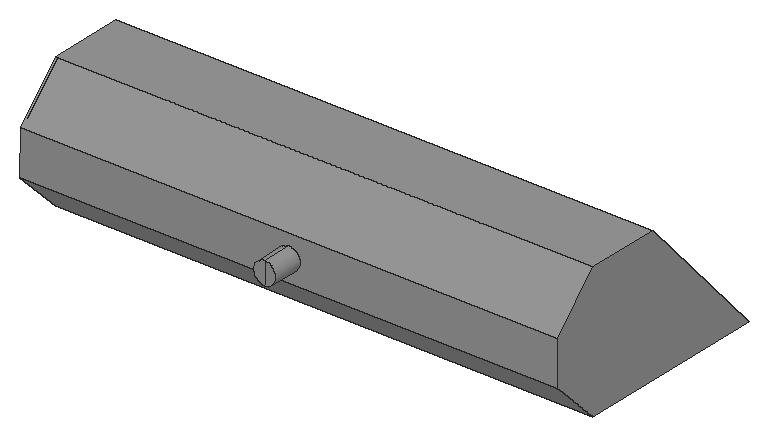
Revit family "Urinal-Wiloughby-1536-WWU", category Plumbing Fixtures, Revit 2015
Parameters (values of type "1536")
  Width = 3' - 0"
  Waste DIA = 1 1/2"
  Waste Connection = yes
  Vent Connection = no
  URL = "https://www.willoughby-ind.com/wp-content/uploads/2018/01/WWU-1500.pdf"
  Type Comments = ""
  Revision = "A"
  Model = "WWU-1536"
  Manufacturer = "Willoughby Industries"
  HW Connection = no
  Fixture Body = Stainless Steel AISI 304-Willoughby
  Description = "36\" Trough Urinal"
  Default Elevation = 0' - 0"
  Contact = "(800) 428-4065"
  CW Connection = no
  36" = yes
Reference planes (in)
  plane 1 "Center (Front/Back)Floor Level": y = 0
  plane 2: z = 0
  plane 3 "Center (Left/Right)": x = 0
  plane 4: x = -18
  plane 5: x = 18
  plane 6: y = 42
Forms (in)
  Extrusion 1, solid, material "Stainless Steel AISI 304-Willoughby" <- "Fixture Body"
    sketch origin (0, 0, 0) x (0, 1, 0) y (0, 0, 1)
      loop
        line (42, 0) -> (34, 9) -> (29, 9) -> (26, 6) -> (26, 3) -> (29, 0) -> (42, 0)
    from -18 to 18
  Revolve 2, solid, material "Stainless Steel AISI 304-Willoughby" <- "Fixture Body", detail levels medium+fine
    sketch origin (0, 0, 0) x (0, 1, 0) y (0, 0, 1)
      loop
        line (26, 4.5) -> (26, 5.25) -> (24, 5.25) -> (24, 4.5) -> (26, 4.5)
      axis (26, 4.5) -> (24, 4.5)
    angle from 0 to 360
  Extrusion 3, void
    sketch origin (0, 0, 0) x (0, 1, 0) y (0, 0, 1)
      loop
        line (42.78883, 0.09375) -> (42.78883, 8.90625) -> (29.03883, 8.90625) -> (26.09375, 5.96117) -> (26.09375, 3.03883) -> (29.03883, 0.09375) -> (42.78883, 0.09375)
    from -17.90625 to 17.90625
Cuts and joins
  Extrusion 3 cuts Extrusion 1
Lines and regions (in)
  symbolic lines
    curve 1: line (18, 26, 0) -> (-18, 26, 0)
    curve 2: line (-18, 26, 0) -> (-18, 42, 0)
    curve 3: line (-18, 42, 0) -> (18, 42, 0)
    curve 4: line (18, 42, 0) -> (18, 26, 0)
    curve 5: line (-18, 29, 0) -> (18, 29, 0)
    curve 19: line (-18, 26, 0) -> (-18, 42, 0)
    curve 22: line (-18, 34, 0) -> (18, 34, 0)
  symbolic lines, detail levels fine
    curve 6: line (-18, 34, 0) -> (18, 34, 0)
    curve 21: line (18, 26, 0) -> (-18, 26, 0)
  symbolic lines, detail levels medium+fine
    curve 7: line (18, 0, 0) -> (18, 0, 9)
    curve 8: line (18, 0, 9) -> (-18, 0, 9)
    curve 9: line (-18, 0, 9) -> (-18, 0, 0)
    curve 10: line (-18, 0, 0) -> (18, 0, 0)
    curve 11: line (18, 0, 6) -> (-18, 0, 6)
    curve 12: line (18, 0, 3) -> (-18, 0, 3)
    curve 13: line (0, 42, 0) -> (0, 34, 9)
    curve 14: line (0, 34, 9) -> (0, 29, 9)
    curve 15: line (0, 29, 9) -> (0, 26, 6)
    curve 16: line (0, 26, 6) -> (0, 26, 3)
    curve 17: line (0, 26, 3) -> (0, 29, 0)
    curve 18: line (0, 29, 0) -> (0, 42, 0)
    curve 20: line (18, 42, 0) -> (18, 26, 0)
    curve 23: line (-18, 29, 0) -> (18, 29, 0)
Dimensions and locks (in)
  "Width": plane 4 to plane 5
  equal spacing: plane 4, plane 3 "Center (Left/Right)", plane 5
  plane 1 "Center (Front/Back)Floor Level" to plane 6 = 3' - 6"
  plane 3 "Center (Left/Right)" to Extrusion 1 = 1' - 6"
  locked: cut or joined group of Extrusion 1, Extrusion 3 to plane 5 at 0.09375
  locked: cut or joined group of Extrusion 1, Extrusion 3 to cut or joined group of Extrusion 1, Extrusion 3 at 0.09375
  aligned and locked: Extrusion 1 to level
  aligned and locked: plane 4 to Extrusion 1
  aligned and locked: Extrusion 1 to plane 5
  aligned and locked: Revolve 2 sketch curve to Revolve 2 sketch curve  (x2)
  aligned and locked: curve 2 to curve 5
  aligned and locked: curve 5 to cut or joined group of Extrusion 1, Extrusion 3
  aligned and locked: curve 6 to cut or joined group of Extrusion 1, Extrusion 3
  aligned and locked: curve 12 to cut or joined group of Extrusion 1, Extrusion 3
Automatic sketch dimensions
  Extrusion 1 sketch curve to level = 0' - 0"
  Extrusion 1 sketch curve to plane 6 = 0' - 0"
  Extrusion 1 sketch curve to plane 6 = 0' - 8"
  Extrusion 1 sketch curve to Extrusion 1 sketch curve = 0' - 5"  (x2)
  level to Extrusion 1 sketch curve = 0' - 3"
  Extrusion 1 sketch curve to Extrusion 1 sketch curve = 0' - 3"  (x3)
  level to Revolve 2 sketch curve = 0' - 4 1/2"
  Revolve 2 sketch curve to plane 6 = 1' - 6"
  Revolve 2 sketch curve to Revolve 2 sketch curve = 0' - 2"
  Revolve 2 sketch curve to Revolve 2 sketch curve = 0' - 0 3/4"
  Revolve 2 sketch curve to Revolve 2 sketch curve = 0' - 0"
  level to Extrusion 3 sketch curve = 0' - 5.96117"
  Extrusion 3 sketch curve to plane 6 = 1' - 3 29/32"
  level to Extrusion 3 sketch curve = 0' - 0 3/32"
  Extrusion 3 sketch curve to Extrusion 3 sketch curve = 0' - 2.94508"  (x2)
  plane 6 to Extrusion 3 sketch curve = 0' - 0.78883"
  Extrusion 3 sketch curve to Extrusion 3 sketch curve = 0' - 2.92233"
  Extrusion 3 sketch curve to Extrusion 3 sketch curve = 0' - 8 13/16"
  curve 10 to level = 0' - 0"
  plane 4 to curve 10 = 0' - 0"
  plane 5 to curve 10 = 0' - 0"
  level to curve 7 = 0' - 9"
  curve 11 to curve 7 = 0' - 3"
  curve 18 to level = 0' - 0"
  curve 13 to plane 6 = 0' - 0"
  curve 14 to plane 6 = 0' - 8"
  curve 15 to curve 13 = 0' - 5"
  level to curve 15 = 0' - 6"
  curve 15 to curve 14 = 0' - 3"  (x2)
  level to curve 17 = 0' - 3"
  curve 16 to curve 17 = 0' - 3"
  curve 23 to plane 4 = 0' - 0"
  curve 23 to plane 5 = 0' - 0"
  curve 4 to plane 6 = 0' - 0"
  curve 19 to curve 5 = 0' - 3"
  curve 23 to curve 5 = 0' - 0"
  curve 22 to curve 6 = 0' - 0"
Connectors (in)
  piping at (0, 24, 4.5), diameter 1.5, driven by "Waste DIA", driven by "Waste Connection"
    settings: on Revolve 2, index 1, connector inside diameter 24", connector length 0' - 0", flow factor 0, pipe flow 0 GPM, pressure drop 0.00 psi, fitting loss kfactor 0, connector angle 0.00°, fixture units 0, engagement length 0' - 0", angle of deflection 0.00°, flow configuration 0, flow direction 2, fitting loss method 0, system type 16, joint type 0, gender type 0, connector reference index -1, connector utility 1, adjustable connector no, is connector primary yes, connector description "Urinal Waste"
